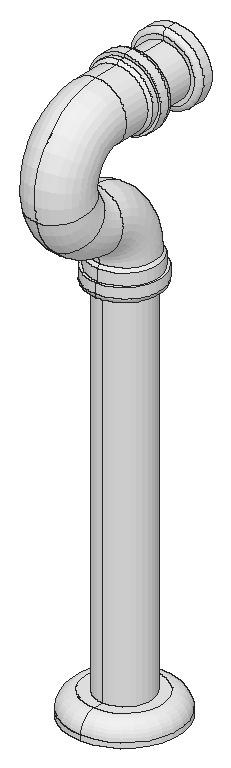
Revit family "Trap-BidetTrap-PType-Vitra-Other-A45118", category Plumbing Fixtures, Revit 2017
Family settings
  Round Connector Dimension = Use Diameter
  Part Type = Normal
  OmniClass Number = 23.45.00.00
  OmniClass Title = Sanitary, Laundry, and Cleaning Equipment
  Work Plane-Based = Yes
  Always vertical = No
  Cut with Voids When Loaded = No
  Shared = No
  Room Calculation Point = No
Parameters (values of type "Trap-BidetTrap-PType-Vitra-Other-A45118")
  Youtube clip = "https://www.youtube.com/user/VitrAglobal"
  Width(mm) = 70 mm
  Weight Net (Kg) = 0.908
  Warranty Period (Year) = "5"
  Uniformat II Description = "Plumbing Fixtures"
  Uniformat II Code = "D2010"
  Uniclass 2015 Name = "Drainage traps and accessories"
  Uniclass 2015 Code = "Pr_65_52_25"
  Uniclass 2.0 Description = "Drainage Traps"
  Uniclass 2.0 Code = "PR-62-24"
  Uniclass 1.4 Description = "Traps for sinks and basins"
  Uniclass 1.4 Code = "L7218"
  URL = "https://vitraglobal.com/"
  UNSPSC Description = "Traps and strainers"
  UNSPSC Code = "401425"
  Technical description = "https://www.vitraglobal.com/pdf/A45118/"
  Region South America = "All"
  Region Oceania = "All"
  Region North America = "All"
  Region Middle East = "All"
  Region Europe = "All"
  Region Asia = "All"
  Region Antarctica = "All"
  Region Africa = "All"
  Product url = ""
  Product group = "P Type Trap"
  Product family = "OtherSeries"
  Product data url = "https://www.vitraglobal.com/taps-mixers/complimentary-products/syphon-and-strainer/traps-bidet-trap-p-type--sku-A45118/"
  Product certification = "https://vitraglobal.com/catalogues/quality-certificates"
  Product Type = "Trap"
  Product SKU = "A45118"
  Product Properties = ""
  Product Guid = ""
  OmniClass Description = "Liquid Traps"
  OmniClass Code = "23-27 37 00"
  Number Of Connections = "1"
  Nominal width = 0
  Nominal height = 0
  NBS Reference Description = "Traps and strainers"
  NBS Reference Code = "401425"
  MountingType = "Pipe connection"
  Model = "A45118"
  Masterformat 2014 Description = "Plumbing Fixtures"
  Masterformat 2014 Code = "22 40 00"
  Manufacturer name = "Vitra"
  Manufacturer country = "Turkey"
  Manufacturer = "Vitra"
  Installation instructions = ""
  IFC Classification = "Sanitary Terminal"
  Height(mm) = 110 mm
  HW Connection = yes
  GTIP code = ""
  Features = ""
  EAN code = ""
  Design country = ""
  Description = "Traps Bidet Trap (P Type)"
  Depth(mm) = 355 mm
  Default Elevation = 650 mm
  Date of publishing = "2003"
  Cost = 0
  Connection Diameter (mm) = 15 mm
  Color = "Chrome"
  Coating Material = Chrome
  CW Connection = yes
  COBIe Type Category = ""
  Brand = "VitrA"
  BIMobject category = "Sanitary - Taps & Mixers"
  Article No. (default) = "A45118"
  Approvals = ""
  ApplicationType = ""
Types (5, lengths in mm): name | Product SKU | Model | Color | Article No. (default)
  Trap-BidetTrap-PType-Vitra-Other-A45118 | "A45118" | "A45118" | "Chrome" | "A45118"
  Trap-BidetTrap-PType-Vitra-Other-A4511823EXP | "A4511823EXP" | "A4511823EXP" | "" | "A4511823EXP"
  Trap-BidetTrap-PType-Vitra-Other-A45118EXP | "A45118EXP" | "A45118EXP" | "Chrome" | "A45118EXP"
  Trap-BidetTrap-PType-Vitra-Other-A45118TPL | "A45118TPL" | "A45118TPL" | "Chrome" | "A45118TPL"
  Trap-BidetTrap-PType-Vitra-Other-A45118TPX | "A45118TPX" | "A45118TPX" | "Chrome" | "A45118TPX"
Reference planes
  plane 1 "Center (Front/Back)": y = 0
  plane 2: z = 0
  plane 3 "Center (Left/Right)": x = 0
  plane 4: x = 35
  plane 5: x = -35
  plane 6: y = 52.097
  plane 7: y = -57.903
  plane 8: z = 355
Forms (mm)
  Revolve 1, solid, material "Chrome" <- "Coating Material"
    sketch origin (0.34, -600, -766.278) x (0, 0, 1) y (0, 1, 0)
      loop
        line (1113.49, 643.097) -> (1116.09, 643.097)
        arc (1116.09, 643.097) -> (1118.212, 643.975) -> (1119.09, 646.097) r 3
        line (1119.09, 646.097) -> (1119.09, 652.097) -> (1097.59, 652.097) -> (1097.59, 623.02) -> (1113.49, 623.02) -> (1113.49, 643.097)
      axis (1097.59, 652.097) -> (1097.59, 623.02)
    angle from 0 to 360
  Sweep 2, solid, material "Chrome" <- "Coating Material"
    path origin (0.34, -600, -766.278) x (0, 0, 1) y (0, 1, 0)
      loop
        line (1097.59, 608.575) -> (1097.59, 592.847)
        arc (1097.59, 592.847) -> (1086.661, 570.652) -> (1062.405, 565.784) r 28
        arc (1062.405, 565.784) -> (1055.589, 568.599) -> (1049.745, 573.095) r 28
        arc (1049.745, 573.095) -> (1044.313, 580.804) -> (1041.748, 589.879) r 28
        arc (1041.748, 589.879) -> (1033.014, 606.974) -> (1015.09, 613.847) r 26.809
    profile origin (0.34, 0.711, 331.312) x (0, 0, 1) y (-1, 0, 0)
      loop
        circle (0, 0) r 18
  Revolve 3, solid, material "Chrome" <- "Coating Material"
    sketch origin (0.34, -600, -766.278) x (0, 0, 1) y (0, 1, 0)
      loop
        line (1097.59, 623.02) -> (1097.59, 608.575) -> (1115.59, 608.575) -> (1117.269, 610.699) -> (1117.269, 614.02) -> (1119.09, 614.02) -> (1119.09, 620.02)
        arc (1119.09, 620.02) -> (1118.212, 622.141) -> (1116.09, 623.02) r 3
        line (1116.09, 623.02) -> (1097.59, 623.02)
      axis (1097.59, 623.02) -> (1097.59, 608.575)
    angle from 0 to 360
  Revolve 4, solid, material "Chrome" <- "Coating Material"
    sketch origin (0.34, -1083.746, 854.107) x (0, 1, 0) y (0, 0, -1)
      loop
        line (1097.59, 623.02) -> (1097.59, 605.294) -> (1115.652, 605.294) -> (1117.269, 607.34) -> (1117.269, 614.02) -> (1119.09, 614.02) -> (1119.09, 620.02)
        arc (1119.09, 620.02) -> (1118.212, 622.141) -> (1116.09, 623.02) r 3
        line (1116.09, 623.02) -> (1097.59, 623.02)
      axis (1097.59, 623.02) -> (1097.59, 605.294)
    angle from 0 to 360
  Revolve 5, solid, material "Chrome" <- "Coating Material"
    sketch origin (0.34, -600, -766.278) x (0, 0, 1) y (0, 1, 0)
      loop
        line (779.59, 629.747) -> (779.59, 636.347)
        arc (779.59, 636.347) -> (776.662, 643.418) -> (769.59, 646.347) r 10
        line (769.59, 646.347) -> (766.59, 646.347) -> (766.59, 613.847) -> (997.365, 613.847) -> (997.365, 629.747) -> (779.59, 629.747)
      axis (766.59, 613.847) -> (997.365, 613.847)
    angle from 0 to 360
Cuts and joins
  joined: Revolve 1, Sweep 2, Revolve 3
Lines and regions (mm)
  Masking region 1, detail levels coarse
    outline origin (0, 0, 0) x (1, 0, 0) y (0, 0, 1)
      loop
        line (9.75, 66) -> (-9.75, 66) -> (-9.75, 0) -> (9.75, 0) -> (9.75, 66)
  Masking region 2, detail levels medium
    outline origin (0, 0, 0) x (1, 0, 0) y (0, 0, 1)
      loop
        line (80.25, 47) -> (80.25, 61) -> (46.607, 66) -> (43.393, 66) -> (9.75, 61) -> (9.75, 47) -> (80.25, 47)
      loop
        line (-11.477, 20.4) -> (-11.477, 0) -> (11.623, 0) -> (11.623, 20.4) -> (-11.477, 20.4)
  Masking region 3, detail levels medium
    outline origin (0, 0, 0) x (1, 0, 0) y (0, 0, 1)
      loop
        line (46.607, 66) -> (43.393, 66) -> (9.75, 61) -> (80.25, 61) -> (46.607, 66)
      loop
        line (-16.8, 47) -> (-16.8, 20.4) -> (16.8, 20.4) -> (16.8, 47) -> (-16.8, 47)
  Masking region 4, detail levels medium
    outline origin (0, 0, 0) x (1, 0, 0) y (0, 0, 1)
      loop
        line (-35.25, 47) -> (35.25, 47) -> (35.25, 61) -> (-35.25, 61) -> (-35.25, 47)
  Masking region 5, detail levels medium
    outline origin (0, 0, 0) x (1, 0, 0) y (0, 0, 1)
      loop
        line (-35.25, 61) -> (35.25, 61) -> (20.55, 66) -> (-20.55, 66) -> (-35.25, 61)
  Masking region 6, detail levels fine
    outline origin (0, 0, 0) x (1, 0, 0) y (0, 0, 1)
      loop
        line (9.75, 60.177) -> (-9.75, 60.177) -> (-9.75, 47) -> (9.75, 47) -> (9.75, 60.177)
      loop
        line (-15.27, 21.742) -> (-15.27, 20.242) -> (15.27, 20.242) -> (15.27, 21.742) -> (-15.27, 21.742)
      loop
        line (-8.431, 17.647) -> (-8.431, 16.361) -> (8.43, 16.361) -> (8.43, 17.647) -> (-8.431, 17.647)
      loop
        line (-7.746, 11.304) -> (-7.746, 13.2) -> (-11.623, 13.2) -> (-11.623, 0) -> (11.623, 0) -> (11.623, 13.2) -> (7.746, 13.2) -> (7.746, 11.304)
        arc (7.746, 11.304) -> (0, 10.498) -> (-7.746, 11.304) r 37.629
  Masking region 7, detail levels fine
    outline origin (0, 0, 0) x (1, 0, 0) y (0, 0, 1)
      loop
        arc (-9.75, 60.177) -> (0, -1040.099) -> (9.75, 60.177) r 550.181
        line (9.75, 60.177) -> (-9.75, 60.177)
      loop
        line (-16.8, 47) -> (-16.8, 21.947) -> (16.8, 21.947) -> (16.8, 47) -> (-16.8, 47)
      loop
        line (-7.746, 13.2) -> (-7.746, 11.304) -> (7.746, 11.304) -> (7.746, 13.2)
        arc (7.746, 13.2) -> (4.097, 15.277) -> (0, 16.199) r 14.241
        arc (0, 16.199) -> (-4.097, 15.277) -> (-7.746, 13.2) r 14.241
  Masking region 8, detail levels fine
    outline origin (0, 0, 0) x (1, 0, 0) y (0, 0, 1)
      loop
        arc (0, 16.199) -> (4.097, 15.277) -> (7.746, 13.2) r 14.241
        line (7.746, 13.2) -> (11.59, 13.2) -> (8.43, 16.361) -> (-8.431, 16.361) -> (-11.592, 13.2) -> (-7.746, 13.2)
        arc (-7.746, 13.2) -> (-4.097, 15.277) -> (0, 16.199) r 14.241
      loop
        line (-8.431, 17.647) -> (8.43, 17.647) -> (10.227, 20.242) -> (-10.248, 20.242) -> (-8.431, 17.647)
      loop
        line (-16.8, 21.947) -> (-15.27, 21.742) -> (15.27, 21.742) -> (16.8, 21.947) -> (-16.8, 21.947)
Dimensions and locks
  "Width(mm)": plane 5 to plane 4
  "Height(mm)": plane 6 to plane 7
  "Depth(mm)": plane 8 to level
  aligned and locked: plane 2 to level
  aligned and locked: Revolve 4 to cut or joined group of Revolve 1, Sweep 2, Revolve 3
  aligned and locked: cut or joined group of Revolve 1, Sweep 2, Revolve 3 to cut or joined group of Revolve 1, Sweep 2, Revolve 3  (x2)
  aligned and locked: Revolve 4 to Revolve 5
Automatic sketch dimensions
  Masking region 1 sketch curve to level = 0 mm
  Masking region 1 sketch curve to plane 5 = 44.75 mm
  plane 4 to Masking region 1 sketch curve = 44.75 mm
  Masking region 2 sketch curve to level = 0 mm
  Masking region 2 sketch curve to plane 5 = 44.75 mm
  Masking region 2 sketch curve to Masking region 2 sketch curve = 33.643 mm  (x2)
  Masking region 2 sketch curve to plane 3 "Center (Left/Right)" = 11.477 mm
  plane 3 "Center (Left/Right)" to Masking region 2 sketch curve = 11.623 mm
  plane 3 "Center (Left/Right)" to Masking region 2 sketch curve = 46.607 mm
  level to Masking region 2 sketch curve = 20.4 mm
  Masking region 3 sketch curve to plane 5 = 44.75 mm
  Masking region 3 sketch curve to Masking region 3 sketch curve = 33.643 mm  (x2)
  Masking region 3 sketch curve to plane 3 "Center (Left/Right)" = 16.8 mm
  plane 3 "Center (Left/Right)" to Masking region 3 sketch curve = 16.8 mm
  Masking region 3 sketch curve to Masking region 3 sketch curve = 29.807 mm
  level to Masking region 3 sketch curve = 20.4 mm
  Masking region 4 sketch curve to plane 3 "Center (Left/Right)" = 35.25 mm
  plane 3 "Center (Left/Right)" to Masking region 4 sketch curve = 35.25 mm
  Masking region 4 sketch curve to Masking region 4 sketch curve = 14 mm
  Masking region 5 sketch curve to plane 3 "Center (Left/Right)" = 35.25 mm
  Masking region 5 sketch curve to Masking region 5 sketch curve = 14.7 mm  (x2)
  plane 3 "Center (Left/Right)" to Masking region 5 sketch curve = 20.55 mm
  Masking region 6 sketch curve to level = 0 mm
  Masking region 6 sketch curve to plane 5 = 44.75 mm
  Masking region 6 sketch curve to plane 3 "Center (Left/Right)" = 15.27 mm
  Masking region 6 sketch curve to plane 3 "Center (Left/Right)" = 11.623 mm
  Masking region 6 sketch curve to Masking region 6 sketch curve = 3.192 mm
  Masking region 6 sketch curve to Masking region 6 sketch curve = 0.685 mm
  plane 3 "Center (Left/Right)" to Masking region 6 sketch curve = 0 mm
  plane 3 "Center (Left/Right)" to Masking region 6 sketch curve = 7.746 mm
  Masking region 6 sketch curve to Masking region 6 sketch curve = 0.684 mm
  plane 3 "Center (Left/Right)" to Masking region 6 sketch curve = 11.623 mm
  Masking region 6 sketch curve to Masking region 6 sketch curve = 6.84 mm
  plane 4 to Masking region 6 sketch curve = 44.75 mm
  level to Masking region 6 sketch curve = 11.304 mm
  Masking region 6 sketch curve to Masking region 6 sketch curve = 1.896 mm  (x2)
  Masking region 6 sketch curve to Masking region 6 sketch curve = 3.16 mm
  Masking region 6 sketch curve to Masking region 6 sketch curve = 1.286 mm
  Masking region 6 sketch curve to Masking region 6 sketch curve = 2.595 mm
  Masking region 6 sketch curve to Masking region 6 sketch curve = 1.5 mm
  Masking region 7 sketch curve to plane 5 = 44.75 mm
  Masking region 7 sketch curve to plane 3 "Center (Left/Right)" = 16.8 mm
  Masking region 7 sketch curve to plane 3 "Center (Left/Right)" = 7.746 mm
  Masking region 7 sketch curve to plane 3 "Center (Left/Right)" = 1.046 mm
  plane 3 "Center (Left/Right)" to Masking region 7 sketch curve = 0 mm
  plane 3 "Center (Left/Right)" to Masking region 7 sketch curve = 1.046 mm
  plane 3 "Center (Left/Right)" to Masking region 7 sketch curve = 7.746 mm
  Masking region 7 sketch curve to Masking region 7 sketch curve = 9.054 mm
  level to Masking region 7 sketch curve = 21.947 mm
  Masking region 7 sketch curve to Masking region 7 sketch curve = 8.747 mm  (x2)
  Masking region 7 sketch curve to Masking region 7 sketch curve = 1.896 mm
  level to Masking region 7 sketch curve = 1.997 mm  (x2)
  Masking region 7 sketch curve to level = 489.918 mm
  Masking region 8 sketch curve to plane 3 "Center (Left/Right)" = 16.8 mm
  Masking region 8 sketch curve to Masking region 8 sketch curve = 1.53 mm  (x2)
  Masking region 8 sketch curve to Masking region 8 sketch curve = 3.678 mm
  Masking region 8 sketch curve to Masking region 8 sketch curve = 5.021 mm
  Masking region 8 sketch curve to Masking region 8 sketch curve = 1.817 mm
  Masking region 8 sketch curve to Masking region 8 sketch curve = 0 mm  (x2)
  Masking region 8 sketch curve to Masking region 8 sketch curve = 0.685 mm
  Masking region 8 sketch curve to plane 3 "Center (Left/Right)" = 1.046 mm
  plane 3 "Center (Left/Right)" to Masking region 8 sketch curve = 1.046 mm
  plane 3 "Center (Left/Right)" to Masking region 8 sketch curve = 7.746 mm
  Masking region 8 sketch curve to Masking region 8 sketch curve = 0.684 mm
  Masking region 8 sketch curve to Masking region 8 sketch curve = 1.797 mm
  Masking region 8 sketch curve to Masking region 8 sketch curve = 3.844 mm
  Masking region 8 sketch curve to Masking region 8 sketch curve = 5.043 mm
  level to Masking region 8 sketch curve = 1.997 mm  (x2)
  level to Masking region 8 sketch curve = 13.2 mm
  Masking region 8 sketch curve to Masking region 8 sketch curve = 11.203 mm
  Masking region 8 sketch curve to Masking region 8 sketch curve = 3.16 mm
  Masking region 8 sketch curve to Masking region 8 sketch curve = 1.286 mm
  Masking region 8 sketch curve to Masking region 8 sketch curve = 2.595 mm
  Masking region 8 sketch curve to Masking region 8 sketch curve = 1.5 mm
  Masking region 8 sketch curve to Masking region 8 sketch curve = 0.205 mm
  Revolve 1 sketch curve to Revolve 1 sketch curve = 15.9 mm
  Revolve 1 sketch curve to Revolve 1 sketch curve = 2.6 mm
  Revolve 1 sketch curve to Revolve 1 sketch curve = 3 mm
  Revolve 1 sketch curve to Revolve 1 sketch curve = 20.077 mm
  Revolve 1 sketch curve to Revolve 1 sketch curve = 9 mm
  Revolve 1 sketch curve to Revolve 1 sketch curve = 0 mm
  Revolve 1 sketch curve to Revolve 1 sketch curve = 6.191 mm
  Revolve 1 sketch curve to Revolve 1 sketch curve = 8.347 mm
  Sweep 2 sketch curve to Sweep 2 sketch curve = 0 mm  (x8)
  Sweep 2 sketch curve to Sweep 2 sketch curve = 54.5 mm
  Sweep 2 sketch curve to Sweep 2 sketch curve = 28 mm
  Sweep 2 sketch curve to Sweep 2 sketch curve = 5.809 mm
  Sweep 2 sketch curve to Sweep 2 sketch curve = 7.996 mm
  Sweep 2 sketch curve to Sweep 2 sketch curve = 12.661 mm
  Sweep 2 sketch curve to Sweep 2 sketch curve = 15.729 mm
  Sweep 2 sketch curve to profile plane = 0 mm
  profile plane to Sweep 2 sketch curve = 0 mm
  Revolve 3 sketch curve to Revolve 3 sketch curve = 18 mm
  Revolve 3 sketch curve to Revolve 3 sketch curve = 0.5 mm
  Revolve 3 sketch curve to Revolve 3 sketch curve = 1.679 mm
  Revolve 3 sketch curve to Revolve 3 sketch curve = 3 mm
  Revolve 3 sketch curve to Revolve 3 sketch curve = 2.124 mm
  Revolve 3 sketch curve to Revolve 3 sketch curve = 3.32 mm
  Revolve 3 sketch curve to Revolve 3 sketch curve = 6 mm
  Revolve 3 sketch curve to Revolve 3 sketch curve = 0 mm
  Revolve 3 sketch curve to Revolve 3 sketch curve = 1.18 mm
  Revolve 3 sketch curve to Revolve 3 sketch curve = 1.817 mm
  Revolve 4 sketch curve to Revolve 4 sketch curve = 18.062 mm
  Revolve 4 sketch curve to Revolve 4 sketch curve = 0.438 mm
  Revolve 4 sketch curve to Revolve 4 sketch curve = 1.179 mm
  Revolve 4 sketch curve to Revolve 4 sketch curve = 3 mm
  Revolve 4 sketch curve to Revolve 4 sketch curve = 6 mm
  Revolve 4 sketch curve to Revolve 4 sketch curve = 6.68 mm
  Revolve 4 sketch curve to Revolve 4 sketch curve = 2.046 mm
  Revolve 4 sketch curve to Revolve 4 sketch curve = 0 mm
  Revolve 4 sketch curve to Revolve 4 sketch curve = 4.462 mm
  Revolve 4 sketch curve to Revolve 4 sketch curve = 1.817 mm
  level to Revolve 5 sketch curve = 0.313 mm
  Revolve 5 sketch curve to Revolve 5 sketch curve = 3 mm
  Revolve 5 sketch curve to Revolve 5 sketch curve = 10 mm
  Revolve 5 sketch curve to Revolve 5 sketch curve = 15.9 mm  (x2)
  Revolve 5 sketch curve to Revolve 5 sketch curve = 6.6 mm
  Revolve 1 sketch curve to plane 6 = 0 mm
  plane 1 "Center (Front/Back)" to Sweep 2 sketch curve = 12.962 mm
  Revolve 3 sketch curve to plane 1 "Center (Front/Back)" = 8.575 mm
  Revolve 4 sketch curve to plane 1 "Center (Front/Back)" = 13.845 mm
  Revolve 5 sketch curve to plane 1 "Center (Front/Back)" = 13.847 mm
  level to Masking region 1 sketch curve = 66 mm
  Masking region 2 sketch curve to Masking region 2 sketch curve = 26.6 mm
  Masking region 2 sketch curve to Masking region 2 sketch curve = 14 mm  (x2)
  Masking region 2 sketch curve to Masking region 2 sketch curve = 5 mm
  Masking region 3 sketch curve to Masking region 3 sketch curve = 26.6 mm
  Masking region 3 sketch curve to Masking region 3 sketch curve = 14 mm
  Masking region 3 sketch curve to Masking region 3 sketch curve = 19 mm
  level to Masking region 4 sketch curve = 47 mm
  level to Masking region 5 sketch curve = 61 mm
  Masking region 5 sketch curve to Masking region 5 sketch curve = 5 mm
  Masking region 6 sketch curve to Masking region 6 sketch curve = 25.258 mm
  Masking region 6 sketch curve to Masking region 6 sketch curve = 1.127 mm
  Masking region 6 sketch curve to Masking region 6 sketch curve = 13.177 mm
  Masking region 7 sketch curve to Masking region 7 sketch curve = 25.053 mm
  Masking region 7 sketch curve to Masking region 7 sketch curve = 13.177 mm
  level to Revolve 1 sketch curve = 331.313 mm
  level to Sweep 2 sketch curve = 248.813 mm
  level to Revolve 3 sketch curve = 331.313 mm
  level to Revolve 4 sketch curve = 248.813 mm
  Revolve 5 sketch curve to Revolve 5 sketch curve = 217.774 mm
  Revolve 5 sketch curve to Revolve 5 sketch curve = 27 mm
  Revolve 5 sketch curve to Revolve 5 sketch curve = 30 mm
  radius of Sweep 2 sketch curve = 18 mm
Connectors
  piping at (0.34, 13.847, 0.312), diameter 32
    settings: on Revolve 5, index 1, connector inside diameter 24", connector length 0 mm, flow factor 0, pipe flow 0 GPM, pressure drop 0.00 psi, fitting loss kfactor 0, connector angle 0.00°, fixture units 0, engagement length 0 mm, angle of deflection 0.00°, flow configuration 0, flow direction 2, fitting loss method 0, system type 16, joint type 0, gender type 0, connector reference index -1, connector utility 0, adjustable connector no, is connector primary yes, connector description ""
